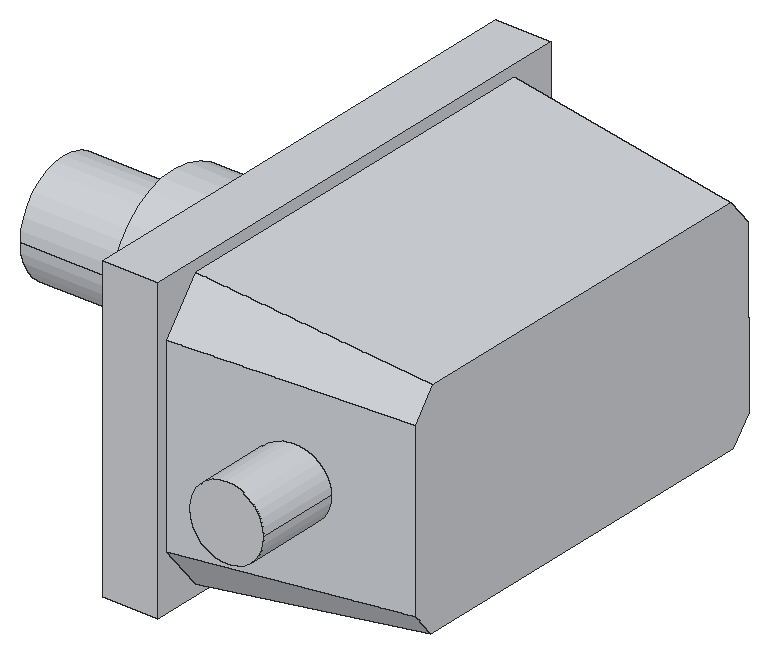
Revit family "M_Detector de fluxo - Interruptor", category Acessórios do tubo, Revit 2019
Family settings
  Cota do conector redondo = Usar raio
  Tipo de parte = Sensor
  Número OmniClass = 23.85.30.21.11.17
  Título OmniClass = Other Components
  ID de item do Seek = Flow Detector - Switch-0000-CAN-ENU
  Com base no plano de trabalho = Não
  Sempre na vertical = Sim
  Corte com vazios quando carregada = Não
  Compartilhado = Não
Parameters (values of type "Padrão")
  Material do interruptor = none
  Raio 1 = Raio nominal * 1.5  # 18.75 mm
  Material da tubulação = none
  Raio nominal = 12.5 mm
  Diâmetro nominal = Raio nominal * 2  # 25 mm
Reference planes
  plane 1 "Centro (Frente/Trás)": y = 0
  plane 2: z = 0
  plane 3 "Centro (Esquerda/Direita)": x = 0
  plane 4: x = 54.102
  plane 5: x = 119.126
  plane 6: y = 56.515
  plane 7: y = -56.515
  plane 8: x = 25.527
  plane 9: z = 34.544
  plane 10: z = -34.544
  plane 11: x = 66.802
  plane 12: x = 92.964
Forms (mm)
  Extrusion 1, solid, material <- "Material da tubulação", detail levels fine
    sketch origin (0, 0, 0) x (0, 1, 0) y (0, 0, 1)
      loop
        circle (0, 0) r 12.5
    from 0 to 25.527
  Extrusion 2, solid, material <- "Material da tubulação", detail levels fine
    sketch origin (0, 0, 0) x (0, 1, 0) y (0, 0, 1)
      loop
        circle (0, 0) r 18.75
    from 25.527 to 54.102
  Blend 3, solid, material <- "Material do interruptor", detail levels fine
    base sketch origin (0, 0, 0) x (0, 1, 0) y (0, 0, 1)
      loop
        line (45.754, 32.163) -> (-45.754, 32.163) -> (-54.134, 21.87) -> (-54.134, -21.87) -> (-45.754, -32.163) -> (45.754, -32.163) -> (54.134, -21.87) -> (54.134, 21.87) -> (45.754, 32.163)
    top sketch origin (0, 0, 0) x (0, 1, 0) y (0, 0, 1)
      loop
        line (-43.381, -25.019) -> (43.381, -25.019) -> (47.784, -19.612) -> (47.784, 19.612) -> (42.735, 25.813) -> (-42.735, 25.813) -> (-47.784, 19.612) -> (-47.784, -19.612) -> (-43.381, -25.019)
    from 66.802 to 119.126
  Extrusion 4, solid, material <- "Material do interruptor", detail levels fine
    sketch origin (0, 0, 0) x (0, 1, 0) y (0, 0, 1)
      loop
        line (56.515, 34.544) -> (-56.515, 34.544) -> (-56.515, -34.544) -> (56.515, -34.544) -> (56.515, 34.544)
    from 54.102 to 66.802
  Extrusion 5, solid, material <- "Material do interruptor", detail levels fine
    sketch origin (0, 0, 0) x (1, 0, 0) y (0, 0, 1)
      loop
        circle (92.964, 0) r 8.467
    from 0 to 69.387
Cuts and joins
  joined: Blend 3, Extrusion 5
Lines and regions (mm)
  model lines, detail levels coarse+medium
    curve 1: line (25.527, 19.05, 0) -> (0, 0, 0)
    curve 2: line (0, 0, 0) -> (25.527, -19.05, 0)
    curve 3: line (25.527, -19.05, 0) -> (54.102, 0, 0)
    curve 4: line (54.102, 0, 0) -> (25.527, 19.05, 0)
    curve 5: line (54.102, 0, 0) -> (66.802, 0, 0)
    curve 6: circle (92.964, 0, 0) r 26.162 normal (0, 0, 1)
Dimensions and locks
  locked: plane 3 "Centro (Esquerda/Direita)" to plane 4 at 54.102
  locked: plane 4 to plane 5 at 65.024
  equal spacing: plane 7, plane 1 "Centro (Frente/Trás)", plane 6
  locked: plane 7 to plane 6 at 113.03
  locked: plane 8 to plane 4 at 28.575
  equal spacing: plane 9, plane 2, plane 10
  locked: plane 9 to plane 10 at 69.088
  locked: plane 4 to plane 11 at 12.7
  equal spacing: plane 5, plane 12, plane 11
  locked: Extrusion 5 to plane 7 at 12.872
  "Raio nominal": radius of Extrusion 1 sketch curve
  "Raio 1": radius of Extrusion 2 sketch curve
  radius of Extrusion 5 sketch curve = 8.467 mm
  radius of curve 6 = 26.162 mm
  aligned and locked: plane 2 to Extrusion 1 sketch curve
  aligned and locked: plane 1 "Centro (Frente/Trás)" to Extrusion 1 sketch curve
  aligned and locked: Extrusion 1 to plane 3 "Centro (Esquerda/Direita)"
  aligned and locked: plane 8 to Extrusion 1
  aligned and locked: plane 2 to Extrusion 2 sketch curve
  aligned and locked: plane 1 "Centro (Frente/Trás)" to Extrusion 2 sketch curve
  aligned and locked: Extrusion 2 to plane 8
  aligned and locked: plane 4 to Extrusion 2
  aligned: Blend 3 to plane 4
  aligned and locked: plane 5 to Blend 3
  aligned and locked: plane 6 to Extrusion 4 sketch curve
  aligned and locked: plane 9 to Extrusion 4 sketch curve
  aligned and locked: plane 10 to Extrusion 4 sketch curve
  aligned and locked: Extrusion 4 sketch curve to plane 7
  aligned and locked: Blend 3 to plane 11
  aligned and locked: Extrusion 4 to plane 4
  aligned and locked: plane 11 to Extrusion 4
  aligned and locked: plane 2 to Extrusion 5 sketch curve
  aligned and locked: plane 12 to Extrusion 5 sketch curve
  aligned: Extrusion 5 to plane 7
  aligned and locked: Extrusion 5 to plane 1 "Centro (Frente/Trás)"
  aligned and locked: plane 1 "Centro (Frente/Trás)" to curve 6
  aligned and locked: plane 1 "Centro (Frente/Trás)" to curve 5
  aligned and locked: plane 11 to curve 5
  aligned and locked: plane 4 to curve 5
  aligned and locked: plane 3 "Centro (Esquerda/Direita)" to curve 2
  aligned and locked: plane 1 "Centro (Frente/Trás)" to curve 2
  aligned and locked: plane 8 to curve 4
  aligned and locked: plane 8 to curve 3
Automatic sketch dimensions
  plane 6 to Blend 3 sketch curve = 2.381 mm
  plane 7 to Blend 3 sketch curve = 10.761 mm
  plane 6 to Blend 3 sketch curve = 10.761 mm
  Blend 3 sketch curve to Blend 3 sketch curve = 8.38 mm  (x2)
  Blend 3 sketch curve to plane 10 = 12.674 mm
  Blend 3 sketch curve to Blend 3 sketch curve = 10.293 mm
  Blend 3 sketch curve to plane 9 = 12.674 mm  (x2)
  Blend 3 sketch curve to plane 10 = 2.381 mm
  Blend 3 sketch curve to Blend 3 sketch curve = 0.646 mm  (x2)
  plane 6 to Blend 3 sketch curve = 13.78 mm
  Blend 3 sketch curve to plane 9 = 2.381 mm
  plane 7 to Blend 3 sketch curve = 2.381 mm
  level to Blend 3 sketch curve = 19.612 mm  (x2)
  plane 7 to Blend 3 sketch curve = 13.78 mm
  plane 7 to Blend 3 sketch curve = 8.731 mm
  Blend 3 sketch curve to level = 19.612 mm  (x2)
  plane 6 to Blend 3 sketch curve = 8.731 mm
  Blend 3 sketch curve to plane 10 = 9.525 mm
  Blend 3 sketch curve to plane 9 = 8.731 mm
  plane 1 "Centro (Frente/Trás)" to curve 3 = 19.05 mm
  curve 1 to plane 1 "Centro (Frente/Trás)" = 19.05 mm
Connectors
  piping at (0, 0, 0), diameter 25, driven by "Raio nominal"
    settings: on Extrusion 1, index 1, connector inside diameter 25 mm, connector length 0 mm, flow factor 0, pipe flow 0.0 L/s, pressure drop 0.0 Pa, fitting loss kfactor 0, connector angle 0.00°, fixture units 0, engagement length 0 mm, angle of deflection 0.00°, flow configuration 0, flow direction 0, fitting loss method 0, system type 28, joint type 0, gender type 0, connector reference index -1, connector utility 0, adjustable connector no, is connector primary yes, connector description ""
  electrical at (92.964, -69.387, 0)
    settings: on cut or joined group of Blend 3, Extrusion 5, index 2, voltage 0 V, apparent load 0 VA, apparent load phase1 0 VA, apparent load phase2 0 VA, apparent load phase3 0 VA, power factor 1, load classification "Outros", number of poles 1, system type 11, power factor state 1, is connector primary yes, connector utility no, sub classification motor no, connector description ""
